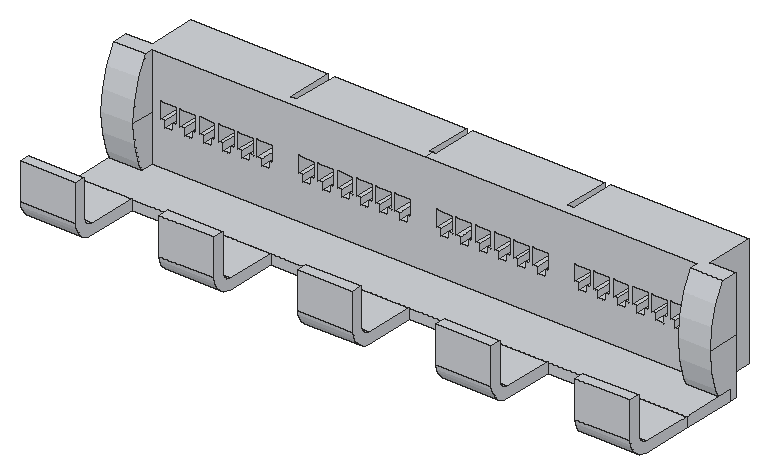
Revit family
Parameters
  Material ID = "760102244"
  DESCR = "ELS GS3 24PORT PANEL"
Reference planes (in)
  plane 1 "Center (Front/Back)": y = 0
  plane 2: z = 0
  plane 3 "Center (Left/Right)": x = 0
Forms (in)
  Extrusion 1, solid
    sketch origin (0, 0, 0) x (1, 0, 0) y (0, 0, 1)
      loop
        line (0, 1.75) -> (-9.5, 1.75) -> (-9.5, 0) -> (-9.5, -1.75) -> (0, -1.75) -> (9.5, -1.75) -> (9.5, 0) -> (9.5, 1.75) -> (0, 1.75)
    from 0 to 2.5
  Extrusion 2, void
    sketch origin (0, 0, 0) x (0, 1, 0) y (0, 0, 1)
      loop
        line (-2, 1.75) -> (-3.8877, 1.75) -> (-3.8877, -1.75) -> (-2, -1.75)
        arc (-2, -1.75) -> (-2.4805, 0) -> (-2, 1.75) r 3.42703
    from -11.51115 to 12
  Extrusion 3, void
    sketch origin (0, 0, 0) x (1, 0, 0) y (0, 0, 1)
      loop
        line (-8.5, 1.75) -> (-8.5, 0) -> (-8.5, -1.75) -> (0, -1.75) -> (8.5, -1.75) -> (8.5, 0) -> (8.5, 1.75) -> (0, 1.75) -> (-8.5, 1.75)
    from 1.75233 to 12
  Extrusion 4, void
    sketch origin (0, 0, 0) x (0, 1, 0) y (0, 0, 1)
      loop
        line (0, 1.75) -> (-1.5, 1.75) -> (-1.5, -1.75) -> (0, -1.75) -> (0, 1.75)
    from 8.68821 to 11.36382
  Extrusion 5, void
    sketch origin (0, 0, 0) x (0, 1, 0) y (0, 0, -1)
      loop
        line (0, -1.75) -> (0, 1.75) -> (-1.5, 1.75) -> (-1.5, -1.75) -> (0, -1.75)
    from 8.68821 to 11.36382
  Extrusion 6, void, not visible
    sketch origin (0, 0, 0) x (1, 0, 0) y (0, 0, 1)
      loop
        line (-7.85662, 0.48089) -> (-7.85662, -0.39002) -> (-7.67285, -0.39002) -> (-7.67285, -0.64002) -> (-7.0736, -0.64002) -> (-7.0736, -0.39002) -> (-6.92978, -0.39002) -> (-6.92978, 0.48089) -> (-7.85662, 0.48089)
    from -3.79215 to 12
  Extrusion 7, void
    sketch origin (0, 0, 0) x (1, 0, 0) y (0, 0, 1)
      loop
        line (-8.21397, 0.42583) -> (-8.21397, -0.07417) -> (-8.08657, -0.07417) -> (-8.08657, -0.27417) -> (-7.83657, -0.27417) -> (-7.83657, -0.07417) -> (-7.72497, -0.07417) -> (-7.72497, 0.42583) -> (-8.21397, 0.42583)
    from 0.74059 to 3.34334
  Extrusion 8, void
    sketch origin (0.6, 0, 0) x (1, 0, 0) y (0, 0, 1)
      loop
        line (-8.21397, 0.42583) -> (-8.21397, -0.07417) -> (-8.08657, -0.07417) -> (-8.08657, -0.27417) -> (-7.83657, -0.27417) -> (-7.83657, -0.07417) -> (-7.72497, -0.07417) -> (-7.72497, 0.42583) -> (-8.21397, 0.42583)
    from 0.74059 to 3.34334
  Extrusion 9, void
    sketch origin (1.2, 0, 0) x (1, 0, 0) y (0, 0, 1)
      loop
        line (-8.21397, 0.42583) -> (-8.21397, -0.07417) -> (-8.08657, -0.07417) -> (-8.08657, -0.27417) -> (-7.83657, -0.27417) -> (-7.83657, -0.07417) -> (-7.72497, -0.07417) -> (-7.72497, 0.42583) -> (-8.21397, 0.42583)
    from 0.74059 to 3.34334
  Extrusion 10, void
    sketch origin (1.8, 0, 0) x (1, 0, 0) y (0, 0, 1)
      loop
        line (-8.21397, 0.42583) -> (-8.21397, -0.07417) -> (-8.08657, -0.07417) -> (-8.08657, -0.27417) -> (-7.83657, -0.27417) -> (-7.83657, -0.07417) -> (-7.72497, -0.07417) -> (-7.72497, 0.42583) -> (-8.21397, 0.42583)
    from 0.74059 to 3.34334
  Extrusion 11, void
    sketch origin (2.4, 0, 0) x (1, 0, 0) y (0, 0, 1)
      loop
        line (-8.21397, 0.42583) -> (-8.21397, -0.07417) -> (-8.08657, -0.07417) -> (-8.08657, -0.27417) -> (-7.83657, -0.27417) -> (-7.83657, -0.07417) -> (-7.72497, -0.07417) -> (-7.72497, 0.42583) -> (-8.21397, 0.42583)
    from 0.74059 to 3.34334
  Extrusion 12, void
    sketch origin (3, 0, 0) x (1, 0, 0) y (0, 0, 1)
      loop
        line (-8.21397, 0.42583) -> (-8.21397, -0.07417) -> (-8.08657, -0.07417) -> (-8.08657, -0.27417) -> (-7.83657, -0.27417) -> (-7.83657, -0.07417) -> (-7.72497, -0.07417) -> (-7.72497, 0.42583) -> (-8.21397, 0.42583)
    from 0.74059 to 3.34334
  Extrusion 13, void, not visible
    sketch origin (0, 0, 0) x (1, 0, 0) y (0, 0, 1)
      loop
        line (-8.21397, 0.42583) -> (-8.21397, -0.07417) -> (-8.08657, -0.07417) -> (-8.08657, -0.27417) -> (-7.83657, -0.27417) -> (-7.83657, -0.07417) -> (-7.72497, -0.07417) -> (-7.72497, 0.42583) -> (-8.21397, 0.42583)
    from 0.74059 to 3.34334
  Extrusion 14, void
    sketch origin (4.3, 0, 0) x (1, 0, 0) y (0, 0, 1)
      loop
        line (-8.21397, 0.42583) -> (-8.21397, -0.07417) -> (-8.08657, -0.07417) -> (-8.08657, -0.27417) -> (-7.83657, -0.27417) -> (-7.83657, -0.07417) -> (-7.72497, -0.07417) -> (-7.72497, 0.42583) -> (-8.21397, 0.42583)
    from 0.74059 to 3.34334
  Extrusion 15, void
    sketch origin (4.9, 0, 0) x (1, 0, 0) y (0, 0, 1)
      loop
        line (-8.21397, 0.42583) -> (-8.21397, -0.07417) -> (-8.08657, -0.07417) -> (-8.08657, -0.27417) -> (-7.83657, -0.27417) -> (-7.83657, -0.07417) -> (-7.72497, -0.07417) -> (-7.72497, 0.42583) -> (-8.21397, 0.42583)
    from 0.74059 to 3.34334
  Extrusion 16, void
    sketch origin (5.5, 0, 0) x (1, 0, 0) y (0, 0, 1)
      loop
        line (-8.21397, 0.42583) -> (-8.21397, -0.07417) -> (-8.08657, -0.07417) -> (-8.08657, -0.27417) -> (-7.83657, -0.27417) -> (-7.83657, -0.07417) -> (-7.72497, -0.07417) -> (-7.72497, 0.42583) -> (-8.21397, 0.42583)
    from 0.74059 to 3.34334
  Extrusion 17, void
    sketch origin (6.1, 0, 0) x (1, 0, 0) y (0, 0, 1)
      loop
        line (-8.21397, 0.42583) -> (-8.21397, -0.07417) -> (-8.08657, -0.07417) -> (-8.08657, -0.27417) -> (-7.83657, -0.27417) -> (-7.83657, -0.07417) -> (-7.72497, -0.07417) -> (-7.72497, 0.42583) -> (-8.21397, 0.42583)
    from 0.74059 to 3.34334
  Extrusion 18, void
    sketch origin (6.7, 0, 0) x (1, 0, 0) y (0, 0, 1)
      loop
        line (-8.21397, 0.42583) -> (-8.21397, -0.07417) -> (-8.08657, -0.07417) -> (-8.08657, -0.27417) -> (-7.83657, -0.27417) -> (-7.83657, -0.07417) -> (-7.72497, -0.07417) -> (-7.72497, 0.42583) -> (-8.21397, 0.42583)
    from 0.74059 to 3.34334
  Extrusion 19, void
    sketch origin (7.3, 0, 0) x (1, 0, 0) y (0, 0, 1)
      loop
        line (-8.21397, 0.42583) -> (-8.21397, -0.07417) -> (-8.08657, -0.07417) -> (-8.08657, -0.27417) -> (-7.83657, -0.27417) -> (-7.83657, -0.07417) -> (-7.72497, -0.07417) -> (-7.72497, 0.42583) -> (-8.21397, 0.42583)
    from 0.74059 to 3.34334
  Extrusion 20, void
    sketch origin (8.6, 0, 0) x (1, 0, 0) y (0, 0, 1)
      loop
        line (-8.21397, 0.42583) -> (-8.21397, -0.07417) -> (-8.08657, -0.07417) -> (-8.08657, -0.27417) -> (-7.83657, -0.27417) -> (-7.83657, -0.07417) -> (-7.72497, -0.07417) -> (-7.72497, 0.42583) -> (-8.21397, 0.42583)
    from 0.74059 to 3.34334
  Extrusion 21, void
    sketch origin (9.2, 0, 0) x (1, 0, 0) y (0, 0, 1)
      loop
        line (-8.21397, 0.42583) -> (-8.21397, -0.07417) -> (-8.08657, -0.07417) -> (-8.08657, -0.27417) -> (-7.83657, -0.27417) -> (-7.83657, -0.07417) -> (-7.72497, -0.07417) -> (-7.72497, 0.42583) -> (-8.21397, 0.42583)
    from 0.74059 to 3.34334
  Extrusion 22, void
    sketch origin (9.8, 0, 0) x (1, 0, 0) y (0, 0, 1)
      loop
        line (-8.21397, 0.42583) -> (-8.21397, -0.07417) -> (-8.08657, -0.07417) -> (-8.08657, -0.27417) -> (-7.83657, -0.27417) -> (-7.83657, -0.07417) -> (-7.72497, -0.07417) -> (-7.72497, 0.42583) -> (-8.21397, 0.42583)
    from 0.74059 to 3.34334
  Extrusion 23, void
    sketch origin (10.4, 0, 0) x (1, 0, 0) y (0, 0, 1)
      loop
        line (-8.21397, 0.42583) -> (-8.21397, -0.07417) -> (-8.08657, -0.07417) -> (-8.08657, -0.27417) -> (-7.83657, -0.27417) -> (-7.83657, -0.07417) -> (-7.72497, -0.07417) -> (-7.72497, 0.42583) -> (-8.21397, 0.42583)
    from 0.74059 to 3.34334
  Extrusion 24, void
    sketch origin (11, 0, 0) x (1, 0, 0) y (0, 0, 1)
      loop
        line (-8.21397, 0.42583) -> (-8.21397, -0.07417) -> (-8.08657, -0.07417) -> (-8.08657, -0.27417) -> (-7.83657, -0.27417) -> (-7.83657, -0.07417) -> (-7.72497, -0.07417) -> (-7.72497, 0.42583) -> (-8.21397, 0.42583)
    from 0.74059 to 3.34334
  Extrusion 25, void
    sketch origin (11.6, 0, 0) x (1, 0, 0) y (0, 0, 1)
      loop
        line (-8.21397, 0.42583) -> (-8.21397, -0.07417) -> (-8.08657, -0.07417) -> (-8.08657, -0.27417) -> (-7.83657, -0.27417) -> (-7.83657, -0.07417) -> (-7.72497, -0.07417) -> (-7.72497, 0.42583) -> (-8.21397, 0.42583)
    from 0.74059 to 3.34334
  Extrusion 26, void
    sketch origin (12.9, 0, 0) x (1, 0, 0) y (0, 0, 1)
      loop
        line (-8.21397, 0.42583) -> (-8.21397, -0.07417) -> (-8.08657, -0.07417) -> (-8.08657, -0.27417) -> (-7.83657, -0.27417) -> (-7.83657, -0.07417) -> (-7.72497, -0.07417) -> (-7.72497, 0.42583) -> (-8.21397, 0.42583)
    from 0.74059 to 3.34334
  Extrusion 27, void
    sketch origin (13.5, 0, 0) x (1, 0, 0) y (0, 0, 1)
      loop
        line (-8.21397, 0.42583) -> (-8.21397, -0.07417) -> (-8.08657, -0.07417) -> (-8.08657, -0.27417) -> (-7.83657, -0.27417) -> (-7.83657, -0.07417) -> (-7.72497, -0.07417) -> (-7.72497, 0.42583) -> (-8.21397, 0.42583)
    from 0.74059 to 3.34334
  Extrusion 28, void
    sketch origin (14.1, 0, 0) x (1, 0, 0) y (0, 0, 1)
      loop
        line (-8.21397, 0.42583) -> (-8.21397, -0.07417) -> (-8.08657, -0.07417) -> (-8.08657, -0.27417) -> (-7.83657, -0.27417) -> (-7.83657, -0.07417) -> (-7.72497, -0.07417) -> (-7.72497, 0.42583) -> (-8.21397, 0.42583)
    from 0.74059 to 3.34334
  Extrusion 29, void
    sketch origin (14.7, 0, 0) x (1, 0, 0) y (0, 0, 1)
      loop
        line (-8.21397, 0.42583) -> (-8.21397, -0.07417) -> (-8.08657, -0.07417) -> (-8.08657, -0.27417) -> (-7.83657, -0.27417) -> (-7.83657, -0.07417) -> (-7.72497, -0.07417) -> (-7.72497, 0.42583) -> (-8.21397, 0.42583)
    from 0.74059 to 3.34334
  Extrusion 30, void
    sketch origin (15.3, 0, 0) x (1, 0, 0) y (0, 0, 1)
      loop
        line (-8.21397, 0.42583) -> (-8.21397, -0.07417) -> (-8.08657, -0.07417) -> (-8.08657, -0.27417) -> (-7.83657, -0.27417) -> (-7.83657, -0.07417) -> (-7.72497, -0.07417) -> (-7.72497, 0.42583) -> (-8.21397, 0.42583)
    from 0.74059 to 3.34334
  Extrusion 31, void
    sketch origin (15.9, 0, 0) x (1, 0, 0) y (0, 0, 1)
      loop
        line (-8.21397, 0.42583) -> (-8.21397, -0.07417) -> (-8.08657, -0.07417) -> (-8.08657, -0.27417) -> (-7.83657, -0.27417) -> (-7.83657, -0.07417) -> (-7.72497, -0.07417) -> (-7.72497, 0.42583) -> (-8.21397, 0.42583)
    from 0.74059 to 3.34334
  Extrusion 32, solid
    sketch origin (0, 0, 0) x (1, 0, 0) y (0, 0, 1)
      loop
        line (-9.5, -1.75) -> (9.5, -1.75) -> (9.5, -1.42045) -> (-9.5, -1.42045) -> (-9.5, -1.75)
    from 1.75233 to 3.42578
  Sweep 33, solid
    path origin (0, 0, 0) x (0, 1, 0) y (0, 0, 1)
      loop
        line (-3.42578, -1.75) -> (-4.97582, -1.75)
        arc (-4.97582, -1.75) -> (-5.41551, -1.5688) -> (-5.62847, -1.14359) r 0.67897
        line (-5.62847, -1.14359) -> (-5.62847, 0)
    profile origin (0, -4.2008, -1.75) x (0, 0, -1) y (1, 0, 0)
      loop
        line (0, -9.5) -> (0, -7.78131) -> (-0.32955, -7.78131) -> (-0.32955, -9.5) -> (0, -9.5)
  Sweep 34, solid
    path origin (0, 0, 0) x (0, 1, 0) y (0, 0, 1)
      loop
        line (-3.42578, -1.75) -> (-4.97582, -1.75)
        arc (-4.97582, -1.75) -> (-5.41551, -1.5688) -> (-5.62847, -1.14359) r 0.67897
        line (-5.62847, -1.14359) -> (-5.62847, 0)
    profile origin (0, -4.2008, -1.75) x (0, 0, -1) y (1, 0, 0)
      loop
        line (0, 7.78131) -> (0, 9.5) -> (-0.32955, 9.5) -> (-0.32955, 7.78131) -> (0, 7.78131)
  Sweep 35, solid
    path origin (0, 0, 0) x (0, 1, 0) y (0, 0, 1)
      loop
        line (-3.42578, -1.75) -> (-4.97582, -1.75)
        arc (-4.97582, -1.75) -> (-5.41551, -1.5688) -> (-5.62847, -1.14359) r 0.67897
        line (-5.62847, -1.14359) -> (-5.62847, 0)
    profile origin (0, -4.2008, -1.75) x (0, 0, -1) y (1, 0, 0)
      loop
        line (0, -5.17967) -> (0, -3.46098) -> (-0.32955, -3.46098) -> (-0.32955, -5.17967) -> (0, -5.17967)
  Sweep 36, solid
    path origin (0, 0, 0) x (0, 1, 0) y (0, 0, 1)
      loop
        line (-3.42578, -1.75) -> (-4.97582, -1.75)
        arc (-4.97582, -1.75) -> (-5.41551, -1.5688) -> (-5.62847, -1.14359) r 0.67897
        line (-5.62847, -1.14359) -> (-5.62847, 0)
    profile origin (0, -4.2008, -1.75) x (0, 0, -1) y (1, 0, 0)
      loop
        line (0, -0.85935) -> (0, 0.85935) -> (-0.32955, 0.85935) -> (-0.32955, -0.85935) -> (0, -0.85935)
  Sweep 37, solid
    path origin (0, 0, 0) x (0, 1, 0) y (0, 0, 1)
      loop
        line (-3.42578, -1.75) -> (-4.97582, -1.75)
        arc (-4.97582, -1.75) -> (-5.41551, -1.5688) -> (-5.62847, -1.14359) r 0.67897
        line (-5.62847, -1.14359) -> (-5.62847, 0)
    profile origin (0, -4.2008, -1.75) x (0, 0, -1) y (1, 0, 0)
      loop
        line (0, 3.46098) -> (0, 5.17967) -> (-0.32955, 5.17967) -> (-0.32955, 3.46098) -> (0, 3.46098)
  Extrusion 38, void
    sketch origin (0, 0, 0) x (1, 0, 0) y (0, 0, 1)
      loop
        line (9.21516, 1.20765) -> (9.01112, 1.20765)
        arc (9.01112, 1.20765) -> (8.88612, 1.08265) -> (9.01112, 0.95765) r 0.125
        line (9.01112, 0.95765) -> (9.21516, 0.95765)
        arc (9.21516, 0.95765) -> (9.34016, 1.08265) -> (9.21516, 1.20765) r 0.125
    from -0.81157 to 2
  Extrusion 39, void
    sketch origin (0, 0, 0) x (1, 0, 0) y (0, 0, 1)
      loop
        arc (9.21516, -1.20765) -> (9.34016, -1.08265) -> (9.21516, -0.95765) r 0.125
        line (9.21516, -0.95765) -> (9.01112, -0.95765)
        arc (9.01112, -0.95765) -> (8.88612, -1.08265) -> (9.01112, -1.20765) r 0.125
        line (9.01112, -1.20765) -> (9.21516, -1.20765)
    from -0.81157 to 2
  Extrusion 40, void
    sketch origin (0, 0, 0) x (-1, 0, 0) y (0, 0, -1)
      loop
        arc (9.21516, -1.20765) -> (9.34016, -1.08265) -> (9.21516, -0.95765) r 0.125
        line (9.21516, -0.95765) -> (9.01112, -0.95765)
        arc (9.01112, -0.95765) -> (8.88612, -1.08265) -> (9.01112, -1.20765) r 0.125
        line (9.01112, -1.20765) -> (9.21516, -1.20765)
    from -0.81157 to 2
  Extrusion 41, void
    sketch origin (0, 0, 0) x (-1, 0, 0) y (0, 0, -1)
      loop
        line (9.21516, 1.20765) -> (9.01112, 1.20765)
        arc (9.01112, 1.20765) -> (8.88612, 1.08265) -> (9.01112, 0.95765) r 0.125
        line (9.01112, 0.95765) -> (9.21516, 0.95765)
        arc (9.21516, 0.95765) -> (9.34016, 1.08265) -> (9.21516, 1.20765) r 0.125
    from -0.81157 to 2
  Extrusion 42, void
    sketch origin (0, 0, 0) x (1, 0, 0) y (0, 0, 1)
      loop
        line (4.40826, 1.75) -> (4.20826, 1.75) -> (4.20826, -1.75) -> (4.40826, -1.75) -> (4.40826, 1.75)
    from 0 to 1.44779
  Extrusion 43, void
    sketch origin (-4.29969, 0, 0) x (1, 0, 0) y (0, 0, 1)
      loop
        line (4.40826, 1.75) -> (4.20826, 1.75) -> (4.20826, -1.75) -> (4.40826, -1.75) -> (4.40826, 1.75)
    from 0 to 1.44779
  Extrusion 44, void
    sketch origin (-8.6195, 0, 0) x (1, 0, 0) y (0, 0, 1)
      loop
        line (4.40826, 1.75) -> (4.20826, 1.75) -> (4.20826, -1.75) -> (4.40826, -1.75) -> (4.40826, 1.75)
    from 0 to 1.44779
Cuts and joins
  Extrusion 2, Extrusion 3, Extrusion 4, Extrusion 5, Extrusion 7, Extrusion 8, Extrusion 9, Extrusion 10, Extrusion 11, Extrusion 12, Extrusion 14, Extrusion 15, Extrusion 16, Extrusion 17, Extrusion 18, Extrusion 19, Extrusion 20, Extrusion 21, Extrusion 22, Extrusion 23, Extrusion 24, Extrusion 25, Extrusion 26, Extrusion 27, Extrusion 28, Extrusion 29, Extrusion 30, Extrusion 31, Extrusion 38, Extrusion 39, Extrusion 40, Extrusion 41, Extrusion 42, Extrusion 43, Extrusion 44 cuts Extrusion 1
  Extrusion 42 cuts Extrusion 32
  Extrusion 42 cuts Sweep 37
Dimensions and locks (in)
  equal spacing: group 2, group 3, group 4, group 5, group 6, group 7  (x3)
  equal spacing: group 9, group 10, group 11, group 12, group 13, group 14  (x3)
  equal spacing: group 16, group 17, group 18, group 19, group 20, group 21  (x3)
  equal spacing: group 23, group 24, group 25, group 26, group 27, group 28  (x3)
  equal spacing: group 30, group 32, group 33, group 34, group 31  (x3)
  aligned and locked: level to Extrusion 1 sketch curve
  aligned and locked: plane 3 "Center (Left/Right)" to Extrusion 1 sketch curve
  aligned and locked: Extrusion 3 sketch curve to cut or joined group 1 (Extrusion 1, Extrusion 2, Extrusion 3, Extrusion 4, Extrusion 5, Extrusion 7, Extrusion 8, Extrusion 9, Extrusion 10, Extrusion 11, Extrusion 12, Extrusion 14, Extrusion 15, Extrusion 16, Extrusion 17, Extrusion 18, Extrusion 19, Extrusion 20, Extrusion 21, Extrusion 22, Extrusion 23, Extrusion 24, Extrusion 25, Extrusion 26, Extrusion 27, Extrusion 28, Extrusion 29, Extrusion 30, Extrusion 31, Extrusion 38, Extrusion 39, Extrusion 40, Extrusion 41, Extrusion 42, Extrusion 43, Extrusion 44)  (x2)
  aligned and locked: level to Extrusion 3 sketch curve
  aligned and locked: Extrusion 4 sketch curve to cut or joined group 1
  aligned and locked: Extrusion 32 sketch curve to cut or joined group 1  (x2)
  aligned and locked: cut or joined group 1 to Extrusion 32 sketch curve
  aligned and locked: cut or joined group 1 to Extrusion 32
